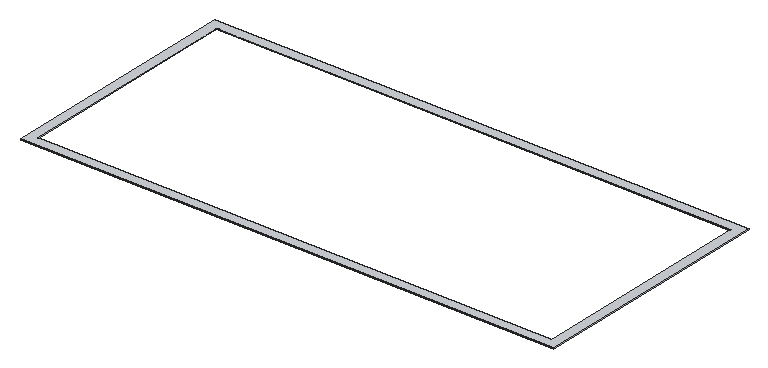
Revit family "停车位基于线", category 停车场, Revit 2020
Family settings
  加载时剪切的空心 = 否
  共享 = 否
Parameters
  built-in parameter 1001306 [instance] = 1200 mm
  车位长 = 5500 mm
  材质 = none
  车位宽 = 2500 mm
  a = 100 mm  # constant formula
Reference planes
  plane 1 "中心(前/后)": y = 0
  plane 2: z = 0
  plane 3 "左": x = 0
  plane 4 "右": x = 1200
  plane 5: y = -2500
  plane 6: x = 5500
Forms (mm)
  Extrusion 1, solid, material <- "材质"
    sketch origin (0, 0, 0) x (1, 0, 0) y (0, 1, 0)
      loop
        line (0, 0) -> (0, -2500) -> (5500, -2500) -> (5500, 0) -> (0, 0)
      loop
        line (100, -100) -> (100, -2400) -> (5400, -2400) -> (5400, -100) -> (100, -100)
    from 0 to 5
Lines and regions (mm)
  reference lines
    curve 1: line (0, 0, 0) -> (1200, 0, 0)
Dimensions and locks
  "built-in parameter 1001306": plane 3 "左" to plane 4 "右"
  "车位宽": plane 1 "中心(前/后)" to plane 5
  "a": Extrusion 1 sketch curve to Extrusion 1 sketch curve  (x4)
  "车位长": plane 3 "左" to plane 6
  aligned and locked: plane 4 "右" to curve 1
  aligned and locked: plane 1 "中心(前/后)" to curve 1
  aligned and locked: plane 3 "左" to curve 1
  aligned and locked: level to plane 2
  aligned and locked: Extrusion 1 sketch curve to curve 1
  aligned and locked: Extrusion 1 sketch curve to plane 3 "左"
  aligned and locked: Extrusion 1 sketch curve to plane 5
  aligned and locked: Extrusion 1 sketch curve to plane 6
